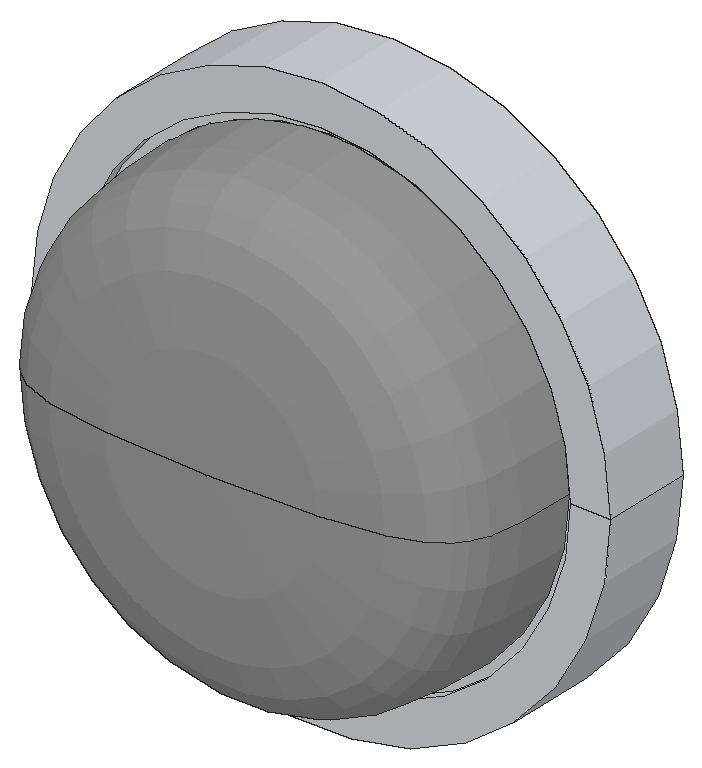
Revit family "O10-S290 LED 1000 AC 830 WH_Vertical Wall", category Lighting Fixtures, Revit 2016
Family settings
  Part Type = Normal
  Round Connector Dimension = Use Diameter
  OmniClass Number = 23.80.70.00
  OmniClass Title = Lighting
  Work Plane-Based = No
  Always vertical = Yes
  Cut with Voids When Loaded = No
  Light Source = Yes
  Shared = No
  Room Calculation Point = No
Parameters
  Wiring Accessories = ""
  Wattage Comments = ""
  Wattage = 12 W
  VoltageMax = 240 V
  built-in parameter 1150110 = 1 (stored number, unit not read)
  Voltage = 220 V
  UpdateDate = "03.03.2018 14:00:10"
  URL UK = "http://glamox.com/uk/products/O10-S290/items/O10113200"
  URL Sweden = "http://glamox.com/se/produkter/O10-S290/items/O10113200"
  URL Russia = "http://glamox.com/ru/products/O10-S290/items/O10113200"
  URL Other = "http://glamox.com/gsx/products/O10-S290/items/O10113200"
  URL Norway = "http://glamox.com/no/produkter/O10-S290/items/O10113200"
  URL Ireland = "http://glamox.com/ie/products/O10-S290/items/O10113200"
  URL Germany = "http://glamox.com/de/products/O10-S290/items/O10113200"
  URL Finland = "http://glamox.com/fi/products/O10-S290/items/O10113200"
  URL Estonia = "http://glamox.com/ee/products/O10-S290/items/O10113200"
  URL Denmark = "http://glamox.com/dk/produkter/O10-S290/items/O10113200"
  URL = ""
  TypeOfEmergency = ""
  TypeOfBallast = ""
  TotalWattage = 12 W
  Total Load = 12 W
  built-in parameter 1114217 = 1 (stored number, unit not read)
  Top Radius = Radius - 32.5 mm  # 112.5 mm
  Tilt Angle = 90.00°
  Termination = "5x2x2,5 PI"
  built-in parameter 1150109 = 1 (stored number, unit not read)
  built-in parameter 1150134 = (empty or 0)
  built-in parameter 1150113 = 1 (stored number, unit not read)
  Specification = "Outdoor product, in Aluminium, for Surface/Wall mounting, impact classification IK10, IP66, light source LED, lumen out 967lm, ballast type AC, with light source type CRI>80, 3000K, with Polycarbonate diffuser."
  Remark = ""
  RatedVoltage = 220 V
  PowerFactor = 98.00%
  Power Factor = 0.98
  Plug Type = ""
  Photometric Web File = "O10-S290-LED-1000-830.ies"
  Optic = ""
  Number of Poles = 1
  NominalFrequencyRange = 50 Hz
  ModelReference = "O10-S290"
  ModelLabel = "O10-S290 LED 1000 AC 830 WH"
  Maximum TA = 40
  MaintenanceFactor = 0
  MFArtNo = "O10113200"
  LumDiameter = Diameter  # 290 mm
  Load Classification [instance] = Lighting
  Model = ""
  Manufacturer = "Glamox"
  Lumens = 967 lm
  built-in parameter 1150115 = 1 (stored number, unit not read)
  built-in parameter 1150105 = 76.951 (stored number, unit not read)
  LightFixturePlacingType = "CEILING"
  LightFixtureMountingType = "SURFACE"
  built-in parameter 1150137 = (empty or 0)
  built-in parameter 1150139 = (empty or 0)
  LampBase = ""
  Lamp Wattage Comments = ""
  built-in parameter 1150112 = 1 (stored number, unit not read)
  built-in parameter 1150114 = 1 (stored number, unit not read)
  Lamp = "LED"
  built-in parameter 1150132 = 2
  built-in parameter 1150102 = (empty or 0)
  built-in parameter 1150138 = (empty or 0)
  built-in parameter 1150107 = 3000 (stored number, unit not read)
  built-in parameter 1150106 = 0.76951 (stored number, unit not read)
  IP_Code = "66"
  IPClass = "66"
  IK_Code = ""
  IFC Classification = "Light Fixture"
  Height = 131 mm
  GlobalTradeItemNumber = "4741145295796"
  Glamox Mounting = "Surface"
  Glamox Family = "O10-S290"
  Glamox Category = "Outdoor"
  FrequencyMax = 60 Hz
  Frequency = 50 Hz
  Expired = "0"
  Emit from Circle Diameter = LumDiameter  # 290 mm
  Emit Shape Visible in Rendering = yes
  built-in parameter 1150104 = 7.4864 (stored number, unit not read)
  ELNo Norway = ""
  ELNo Finland = ""
  EANNo = "4741145295796"
  DurationInBatteryMode = ""
  Dimming Lamp Color Temperature Shift = Incandescent Lamp Curve
  Diameter = 290 mm
  Description = "O10-S290 LED 1000 AC 830 WH"
  Cut Out = ""
  Completion = ""
  Color Filter = 16777215
  Radius = Diameter / 2  # 145 mm
  Body Material and Colour = Default
  built-in parameter 1114218 = 1 (stored number, unit not read)
  built-in parameter 1150133 = 10 (stored number, unit not read)
  Assembly Code = ""
  ArticleNumber = "O10113200"
  Apparent Load = Total Load / Power Factor  # 12.2449 VA
  #Ballast = 1
  # ballast on a MCB16 type C fuse = "176"
  # ballast on a MCB16 type B fuse = "130"
Reference planes
  plane 1 "Light Source Axis (F/B)": y = -162.418
  plane 2: z = 0
  plane 3 "Light Source Axis (L/R)": x = 0
  plane 4 "Light Source Elevation": z = 0
  plane 5: y = -177.418
  plane 6: y = -217.418
  plane 7: y = -222.418
  plane 8: y = -293.418
  plane 9: x = 145
  plane 10: x = 125
  plane 11: x = 120
Forms (mm)
  Revolve 1, solid
    sketch origin (0, 0, 0) x (0, -1, 0) y (1, 0, 0)
      loop
        line (162.418, 0) -> (293.418, 0)
        spline (293.418, 0) -> (292.867, 32.93) -> (291.336, 57.946) -> (289.01, 76.298) -> (286.072, 89.239) -> (282.706, 98.02) -> (279.096, 103.892) -> (275.426, 108.106) -> (271.642, 111.766) -> (266.152, 115.018) -> (256.753, 117.63) -> (241.242, 119.369) -> (217.418, 120)
        line (217.418, 120) -> (217.418, 125) -> (222.418, 125) -> (222.418, 145) -> (177.418, 145) -> (177.418, 120) -> (162.418, 120) -> (162.418, 0)
      axis (162.418, 0) -> (293.418, 0)
    angle from 0 to 360
Lines and regions (mm)
  symbolic lines
    curve 1: circle (0, -293.418, 0) r 131 normal (0, 0, -1)
    curve 2: line (0, -293.418, 0) -> (92.631, -200.787, 0)
    curve 3: line (0, -293.418, 0) -> (-92.631, -386.049, 0)
    curve 4: line (0, -293.418, 0) -> (-92.631, -200.787, 0)
    curve 5: line (0, -293.418, 0) -> (92.631, -386.049, 0)
Dimensions and locks
  plane 3 "Light Source Axis (L/R)" to plane 9 = 145 mm
  locked: plane 10 to plane 9 at 20
  locked: plane 11 to plane 10 at 5
  plane 1 "Light Source Axis (F/B)" to plane 5 = 15 mm
  locked: plane 5 to plane 7 at 45
  locked: plane 6 to plane 7 at 5
  locked: plane 1 "Light Source Axis (F/B)" to plane 8 at 131
  aligned and locked: level to plane 2
  aligned and locked: plane 4 "Light Source Elevation" to level
  aligned and locked: plane 3 "Light Source Axis (L/R)" to Revolve 1 sketch curve
  aligned and locked: Revolve 1 sketch curve to plane 5
  aligned and locked: plane 1 "Light Source Axis (F/B)" to Revolve 1 sketch curve
  aligned and locked: Revolve 1 sketch curve to Revolve 1 sketch curve  (x2)
  aligned and locked: plane 7 to Revolve 1 sketch curve
  aligned and locked: Revolve 1 sketch curve to plane 9
  aligned and locked: plane 6 to Revolve 1 sketch curve
  aligned and locked: plane 11 to Revolve 1 sketch curve
  aligned and locked: plane 3 "Light Source Axis (L/R)" to imposter light
  aligned and locked: plane 8 to imposter light
  aligned and locked: imposter light to level
Connectors
  electrical at (0, -162.418, 0), driven by "Load Classification", driven by "Voltage", driven by "Apparent Load", driven by "Power Factor"
    settings: on Revolve 1, index 1, voltage 220 V, apparent load 0 VA, apparent load phase1 12.2449 VA, apparent load phase2 0 VA, apparent load phase3 0 VA, power factor 0.98, load classification "Lighting", number of poles 1, system type 31, power factor state 1, is connector primary yes, connector utility no, sub classification motor no, connector description ""
